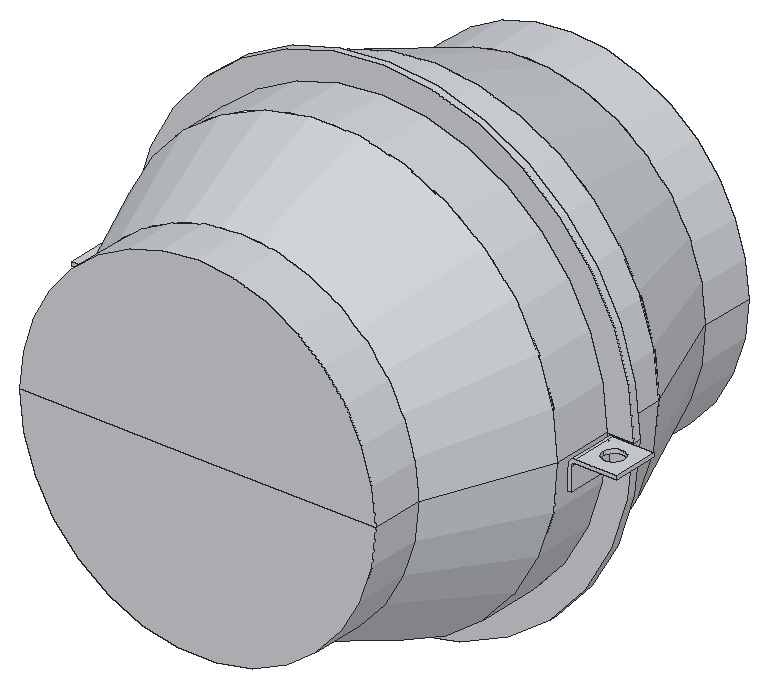
Revit family "25DSF2", category Mechanical Equipment, Revit 2024
Family settings
  Round Connector Dimension = Use Diameter
  Part Type = Normal
  OmniClass Number = 23.75.00.00
  OmniClass Title = Climate Control (HVAC)
  Work Plane-Based = No
  Always vertical = Yes
  Cut with Voids When Loaded = No
  Maintain Annotation Orientation = No
  Shared = No
  Room Calculation Point = No
Parameters
  Default Elevation = 0 mm
Reference planes
  plane 1 "Center (Front/Back)": y = 0
  plane 2: z = 0
  plane 3 "Center (Left/Right)": x = 0
  plane 4 "1": y = 130
  plane 5 "2": y = -130
Forms (mm)
  Revolve 1, solid
    sketch origin (0, 0, 0) x (1, 0, 0) y (0, 1, 0)
      loop
        line (0, 130) -> (0, -130) -> (99, -130) -> (99, -100) -> (125, -35) -> (125, -1.2) -> (140, -1.2) -> (140, 3) -> (125, 3) -> (125, 35) -> (99, 100) -> (99, 130) -> (0, 130)
      axis (0, 130) -> (0, -130)
    angle from 0 to 360
  Extrusion 2, solid
    sketch origin (0, 0, 0) x (1, 0, 0) y (0, 0, 1)
      loop
        line (125, -4.022) -> (125, -17) -> (127, -17) -> (127, -4.011)
        arc (127, -4.011) -> (127.586, -2.586) -> (129.011, -2) r 2
        line (129.011, -2) -> (152, -2) -> (152, 0) -> (129, 0)
        arc (129, 0) -> (126.164, -1.179) -> (125, -4.022) r 4
      loop
        arc (-125, -4.022) -> (-126.164, -1.179) -> (-129, 0) r 4
        line (-129, 0) -> (-152, 0) -> (-152, -2) -> (-129.011, -2)
        arc (-129.011, -2) -> (-127.586, -2.586) -> (-127, -4.011) r 2
        line (-127, -4.011) -> (-127, -17) -> (-125, -17) -> (-125, -4.022)
    from 2 to 28
  Extrusion 3, void
    sketch origin (0, 0, 0) x (1, 0, 0) y (0, 1, 0)
      loop
        circle (-140, -15) r 6
    from 0 to -2
  Extrusion 4, void
    sketch origin (0, 0, 0) x (-1, 0, 0) y (0, -1, 0)
      loop
        circle (-140, 15) r 6
    from 0 to -2
Cuts and joins
  Extrusion 3, Extrusion 4 cuts Extrusion 2
Dimensions and locks
  aligned and locked: level to plane 2
Connectors
  hvac at (0, 130, 0)
    settings: index 1, duct flow 0.0 L/s, flow factor 0, pres drop 0.0 Pa, loss coef 0, conn angle 0.00°, conn width 304.8 mm, conn height 304.8 mm, conn diameter 200 mm, duct sys type 3, conn prof type 0, flow config 0, flow direction 0, loss method 0, conn ref index -1, conn util no, is conn primary yes, conn desc ""
  hvac at (0, -130, 0)
    settings: index 2, duct flow 0.0 L/s, flow factor 0, pres drop 0.0 Pa, loss coef 0, conn angle 0.00°, conn width 304.8 mm, conn height 304.8 mm, conn diameter 200 mm, duct sys type 3, conn prof type 0, flow config 0, flow direction 0, loss method 0, conn ref index -1, conn util no, is conn primary no, conn desc ""
